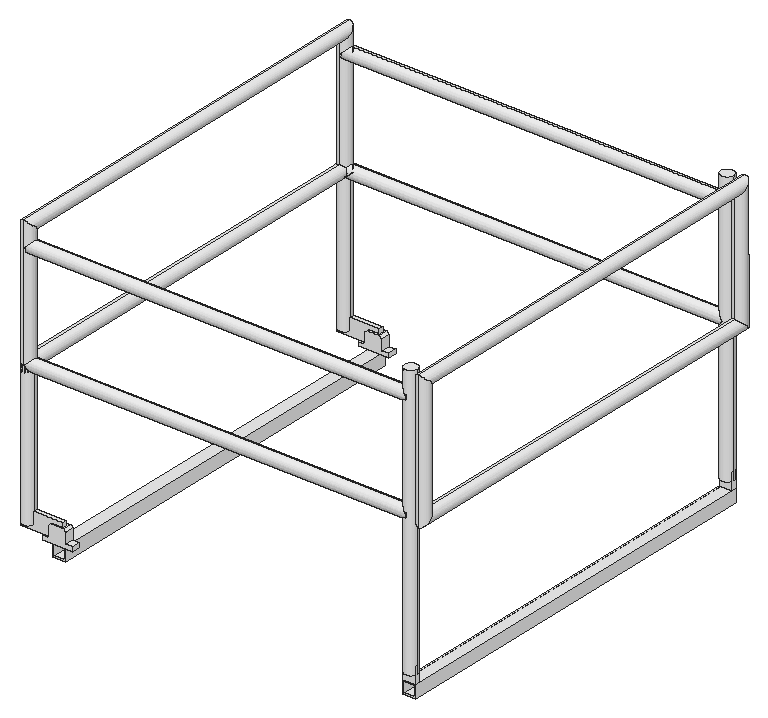
Revit family "Guard_Rail-Precision_Ladders-Folding_Aluminum_Guard_Rail_System1", category Specialty Equipment, host Face, Revit 2015
Parameters (values of type "Upright Position")
  Youtube clip = ""
  Width [instance] = 4' - 0"
  Weight Net (Kg) = "0"
  Upright Position [instance] = yes
  Uniformat II Description = ""
  Uniformat II Code = ""
  Uniclass 2015 Name = "Hatches and access panels"
  Uniclass 2015 Code = "Pr_30_59_36"
  Uniclass 2.0 Description = "Hatches"
  Uniclass 2.0 Code = "PR-59-36"
  Uniclass 1.4 Description = "Hatches, access doors, trap doors"
  Uniclass 1.4 Code = "L412"
  URL = "http://precisionladders.com/"
  UNSPSC Code = ""
  Type Comments = ""
  Technical description = ""
  Right C = Height * cos(11.00°)  # 3' - 5.22834"
  Region South America = "None"
  Region Oceania = "None"
  Region North America = "CA, US"
  Region Middle East = "None"
  Region Europe = "None"
  Region Asia = "None"
  Region Antarctica = "None"
  Region Africa = "None"
  QR code = "http://bimobject.com/Precision_Ladders_LLC/product/precision-ladders-ph-g"
  Product url = "http://www.precisionladders.com/products/roof-hatches"
  Product group = "Roof Hatch"
  Product family = "Roof Hatches"
  Product data url = "https://bimobject.com/Precision_Ladders_LLC/product/precision-ladders-ph-g"
  Product certification = ""
  Product SKU = "precision-ladders-ph-g"
  Product Page URL = "http://precisionladders.com/"
  Product Guid = "fc072a38-9c22-42f3-9af6-a5e40250c381"
  Product Documentation Link = "http://www.precisionladders.com/assets/pladders/files/resources/Miscellaneous/b~Folding%20Guard%20Rail%20System%20-%20NEW/foldingguardrail.pdf"
  OmniClass Description = "Roof Hatches"
  OmniClass Code = "23-17 11 27 17"
  Nominal width = 0' - 0"
  Nominal height = 0' - 0"
  NBS Reference Description = "Hatches"
  NBS Reference Code = "59-36"
  Model = "Aluminum Folding Guard Rail System For Roof Hatch"
  Material secondary = ""
  Material main = "Aluminium"
  Material = ""
  Masterformat 2014 Description = "Roof Hatches"
  Masterformat 2014 Code = "07 72 33"
  Manufacturer name = "Precision Ladders, LLC"
  Manufacturer country = ""
  Manufacturer = "Precision Ladders, LLC"  # constant formula
  Length [instance] = 4' - 0"
  Installation instructions = ""
  IFC Classification = "Object"
  Height = 3' - 6"  # constant formula
  Retracted Position [instance] = not(Upright Position)  # no
  Hatch Width [instance] = Width - 0' 11 1/8"  # 3' - 0 7/8"
  Hatch Length [instance] = Length - 0' 8 5/16"  # 3' - 3 11/16"
  Finish = Metal - Precision Ladders LLC - Aluminium
  Edition number = 1
  EAN code = ""
  Design country = ""
  Description = "Folding Aluminum Guard Rail For Roof Hatch"  # constant formula
  Default Elevation = 4' - 0"
  Date of publishing = "5/2/2016"
  COBIe Type Category = ""
  Brand url = "http://www.precisionladders.com/"
  BIMobject main category code = "construction"
  BIMobject main category = "Construction"
  BIMobject category code = "access-doors-panels"
  BIMobject category = "Access doors & panels"
Types (2): name | Upright Position | Retracted Position
  Upright Position | yes | no
  Folded Position | no | yes
Reference planes (in)
  plane 1 "Center (Front/Back)": y = 0
  plane 2: z = 0
  plane 3 "Center (Left/Right)": x = 0
  plane 4 "Top": z = 42
  plane 5 "Bottom": z = 9.9375
  plane 6 "Back": y = 24
  plane 7 "Front": y = -24
  plane 8 "Left": x = -24
  plane 9 "Right": x = 24
  plane 10: z = 25.96875
  plane 11 "Hatch Underlat B": y = -18.4375
  plane 12 "Hatch Underlay A": y = 18.4375
  plane 13: x = -20.0049
  plane 14: z = 13.39742
  plane 15: x = 21.75
  plane 16: x = 21.22344
  plane 17: x = 62.97834
  plane 18: x = -18.6875
  plane 19: x = 21
Forms (in)
  Sweep 1, solid, material "Metal - Precision Ladders LLC - Aluminium" <- "Finish", visible <- "Upright Position"
    path origin (0.67975, 0, 0) x (1, 0, 0) y (0, 0, 1)
      loop
        line (21.07026, 41.25) -> (-23.92975, 41.25)
    profile origin (-0.75, 0, 41.25) x (0, 0, -1) y (0, -1, 0)
      loop
        circle (2.125, 23.25) r 0.75
  Sweep 2, solid, material "Metal - Precision Ladders LLC - Aluminium" <- "Finish", visible <- "Upright Position"
    path origin (0, 0, 0) x (0, 1, 0) y (0, 0, 1)
      loop
        line (23.25, 41.25) -> (-23.24998, 41.25) -> (-23.24998, 26.71875) -> (23.25, 26.71875) -> (23.25, 41.25)
    profile origin (0, 0.00001, 41.25) x (0, 0, -1) y (1, 0, 0)
      loop
        circle (0, -23.25) r 0.75
  Sweep 3, solid, material "Metal - Precision Ladders LLC - Aluminium" <- "Finish", visible <- "Upright Position"
    path origin (0, 0, 0) x (0, 1, 0) y (0, 0, -1)
      loop
        line (23.25, -41.25) -> (23.25, -26.71875) -> (-23.24998, -26.71875) -> (-23.24998, -41.25) -> (23.25, -41.25)
    profile origin (0, 0.00001, 41.25) x (0, 0, 1) y (-1, 0, 0)
      loop
        circle (0, -23.25) r 0.75
  Sweep 4, solid, material "Metal - Precision Ladders LLC - Aluminium" <- "Finish", visible <- "Upright Position"
    path origin (0.67975, 0, -21) x (1, 0, 0) y (0, 0, 1)
      loop
        line (21.07026, 47.71875) -> (-23.92975, 47.71875)
    profile origin (-0.75, 0, 26.71875) x (0, 0, -1) y (0, -1, 0)
      loop
        circle (0, 23.25) r 0.75
  Sweep 5, solid, material "Metal - Precision Ladders LLC - Aluminium" <- "Finish", visible <- "Upright Position"
    path origin (0.67975, 0, 0) x (1, 0, 0) y (0, 0, -1)
      loop
        line (21.07026, -41.25) -> (-23.92975, -41.25)
    profile origin (-0.75, 0, 41.25) x (0, 0, 1) y (0, 1, 0)
      loop
        circle (-2.125, 23.25) r 0.75
  Sweep 6, solid, material "Metal - Precision Ladders LLC - Aluminium" <- "Finish", visible <- "Upright Position"
    path origin (0.67975, 0, -21) x (1, 0, 0) y (0, 0, -1)
      loop
        line (21.07026, -47.71875) -> (-23.92975, -47.71875)
    profile origin (-0.75, 0, 26.71875) x (0, 0, 1) y (0, 1, 0)
      loop
        circle (0, 23.25) r 0.75
  Extrusion 7, solid, material "Metal - Precision Ladders LLC - Aluminium" <- "Finish", visible <- "Upright Position"
    sketch origin (0, 0, 0) x (1, 0, 0) y (0, 1, 0)
      loop
        circle (21.75, 23.25) r 0.75
      loop
        circle (21.75, -23.25) r 0.75
    from 9.9375 to 42
  Extrusion 8, solid, material "Metal - Precision Ladders LLC - Aluminium" <- "Finish", visible <- "Upright Position"
    sketch origin (-38.125, 0, 0) x (1, 0, 0) y (0, 1, 0)
      loop
        circle (14.875, 23.25) r 0.75
      loop
        circle (14.875, -23.25) r 0.75
    from 9.9375 to 26.69867
  Sweep 9, solid, material "Metal - Precision Ladders LLC - Aluminium" <- "Finish", visible <- "Upright Position"
    path origin (0, 0, 0) x (1, 0, 0) y (0, 0, 1)
      loop
        line (-24, 11.4375) -> (-19, 11.4375)
    profile origin (-21.5, 0, 11.4375) x (0, 0, 1) y (0, -1, 0)
      loop
        line (0, 23.5) -> (-2, 23.5) -> (-2, 23) -> (0, 23) -> (0, 23.5)
  Sweep 10, solid, material "Metal - Precision Ladders LLC - Aluminium" <- "Finish", visible <- "Upright Position"
    path origin (0, 0, 0) x (1, 0, 0) y (0, 0, -1)
      loop
        line (-24, -11.4375) -> (-19, -11.4375)
    profile origin (-21.5, 0, 11.4375) x (0, 0, -1) y (0, 1, 0)
      loop
        line (0, 23.5) -> (0, 23) -> (2, 23) -> (2, 23.5) -> (0, 23.5)
  Sweep 11, solid, material "Metal - Precision Ladders LLC - Aluminium" <- "Finish"
    path origin (0, 0, 0) x (0, 1, 0) y (0, 0, 1)
      loop
        line (-22.75, 9.4375) -> (-23.75, 9.4375)
    profile origin (0, -23.25, 9.4375) x (0, 0, -1) y (1, 0, 0)
      loop
        line (0.5, -21.1875) -> (0.5, -17.6875) -> (0, -17.6875) -> (0, -18.4375) -> (-1.25, -18.4375) -> (-1.5, -18.6875) -> (-1.5, -20.1875) -> (-1.25, -20.4375) -> (0, -20.4375) -> (0, -21.1875) -> (0.5, -21.1875)
  Sweep 12, solid, material "Metal - Precision Ladders LLC - Aluminium" <- "Finish"
    path origin (0, 0, 0) x (0, 1, 0) y (0, 0, 1)
      loop
        line (22.75, 9.4375) -> (23.75, 9.4375)
    profile origin (0, 23.25, 9.4375) x (0, 0, 1) y (1, 0, 0)
      loop
        line (-0.5, -17.6875) -> (-0.5, -21.1875) -> (0, -21.1875) -> (0, -20.4375) -> (1.25, -20.4375) -> (1.5, -20.1875) -> (1.5, -18.6875) -> (1.25, -18.4375) -> (0, -18.4375) -> (0, -17.6875) -> (-0.5, -17.6875)
  Sweep 13, solid, material "Metal - Precision Ladders LLC - Aluminium" <- "Finish"
    path origin (0, 0, 0) x (0, 1, 0) y (0, 0, 1)
      loop
        line (23.5, 9.4375) -> (-23.5, 9.4375)
    profile origin (0, 0, 9.4375) x (0, 0, -1) y (1, 0, 0)
      loop
        line (0.5, -18.6875) -> (0.5, -20.1875) -> (2, -20.1875) -> (2, -18.6875) -> (0.5, -18.6875)
      loop
        line (0.625, -20.0625) -> (1.875, -20.0625) -> (1.875, -18.8125) -> (0.625, -18.8125) -> (0.625, -20.0625)
  Sweep 14, solid, material "Metal - Precision Ladders LLC - Aluminium" <- "Finish"
    path origin (0, 0, 0) x (1, 0, 0) y (0, 1, 0)
      loop
        line (23.25, 23.5) -> (23.25, -23.5)
    profile origin (23.25, 0, 0) x (1, 0, 0) y (0, 0, 1)
      loop
        line (-2.25, 7.4375) -> (-0.75, 7.4375) -> (-0.75, 8.9375) -> (-2.25, 8.9375) -> (-2.25, 7.4375)
      loop
        line (-0.875, 8.8125) -> (-2.125, 8.8125) -> (-2.125, 7.5625) -> (-0.875, 7.5625) -> (-0.875, 8.8125)
  Sweep 15, solid, material "Metal - Precision Ladders LLC - Aluminium" <- "Finish"
    path origin (0, 0, 0) x (0, 1, 0) y (0, 0, 1)
      loop
        line (23.5, 9.9375) -> (23, 9.9375)
    profile origin (0, 23.25, 9.9375) x (0, 0, -1) y (1, 0, 0)
      loop
        line (1, 21) -> (1, 22.5) -> (-0.95992, 22.5) -> (-0.95992, 21) -> (1, 21)
  Sweep 16, solid, material "Metal - Precision Ladders LLC - Aluminium" <- "Finish"
    path origin (0, 0, 0) x (0, 1, 0) y (0, 0, 1)
      loop
        line (-23.5, 9.9375) -> (-23, 9.9375)
    profile origin (0, -23.25, 9.9375) x (0, 0, 1) y (1, 0, 0)
      loop
        line (-1, 22.5) -> (-1, 21) -> (0.95992, 21) -> (0.95992, 22.5) -> (-1, 22.5)
  Extrusion 17, solid, material "Metal - Precision Ladders LLC - Aluminium" <- "Finish", visible <- "Retracted Position"
    sketch origin (-6.03969, 0, -6.74338) x (1, 0, 0) y (0, 0, 1)
      loop
        line (-15.25, 21.46875) -> (-14.29596, 16.56061) -> (-12.3327, 16.94223) -> (-13.28675, 21.85037) -> (-15.25, 21.46875)
    from -23.5 to -23
  Extrusion 18, solid, material "Metal - Precision Ladders LLC - Aluminium" <- "Finish", visible <- "Retracted Position"
    sketch origin (-6.03969, -44.87774, -6.74338) x (1, 0, 0) y (0, 0, 1)
      loop
        line (-15.25, 21.46875) -> (-14.29596, 16.56061) -> (-12.3327, 16.94223) -> (-13.28675, 21.85037) -> (-15.25, 21.46875)
    from -21.87774 to -21.37774
Cuts and joins
  joined: Sweep 5, Sweep 6
  joined: Sweep 1, Sweep 4
Lines and regions (in)
  Masking region 1
    outline origin (0, 0, 0) x (1, 0, 0) y (0, 1, 0)
      loop
        line (-24, 24) -> (-24, -24) -> (21.75, -24)
        arc (21.75, -24) -> (22.5, -23.25) -> (21.75, -22.5) r 0.75
        line (21.75, -22.5) -> (-22.5, -22.5) -> (-22.5, 22.51582) -> (21.90325, 22.51582)
        arc (21.90325, 22.51582) -> (22.49597, 23.32766) -> (21.74874, 24) r 0.75
        line (21.74874, 24) -> (-24, 24)
  Masking region 2
    outline origin (0, 0, 0) x (1, 0, 0) y (0, 1, 0)
      loop
        line (-20.1875, 22.51582) -> (-20.1875, -22.5) -> (-18.6875, -22.5) -> (-18.6875, 22.51582) -> (-20.1875, 22.51582)
      loop
        line (21, 22.5) -> (21, -22.5) -> (21.75, -22.5)
        arc (21.75, -22.5) -> (22.18302, -22.63763) -> (22.45711, -23) r 0.75
        line (22.45711, -23) -> (22.5, -23) -> (22.5, 23) -> (22.45711, 23)
        arc (22.45711, 23) -> (22.18302, 22.63763) -> (21.75, 22.5) r 0.75
        line (21.75, 22.5) -> (21, 22.5)
  Masking region 3
    outline origin (0, 0, 0) x (1, 0, 0) y (0, 1, 0)
      loop
        line (22.5, 23.25) -> (22.5, -23.24998)
        arc (22.5, -23.24998) -> (23.25, -23.99998) -> (24, -23.24998) r 0.75
        line (24, -23.24998) -> (24, 23.25)
        arc (24, 23.25) -> (23.25, 24) -> (22.5, 23.25) r 0.75
  reference lines
    curve 1: line (-20.0049, 0, 13.39742) -> (31.77593, 0, 23.46259)
    curve 2: line (21.75, 0, 9.9375) -> (73.53084, 0, 20.00267)
  symbolic lines, style "SpecialityEquipmentHiddenLines"
    curve 3: line (-24, 24, 0) -> (62.97834, 24, 0)
    curve 4: line (62.97834, -24, 0) -> (-24, -24, 0)
    curve 5: line (21.22344, 24, 0) -> (21.22344, -24, 0)
    curve 6: line (62.97834, 24, 0) -> (62.97834, -24, 0)
Dimensions and locks (in)
  "Height": plane 4 "Top" to level
  "Width": plane 6 "Back" to plane 7 "Front"
  "Length": plane 8 "Left" to plane 9 "Right"
  locked: Sweep 1 sketch curve to plane 7 "Front" at 0.75
  locked: plane 4 "Top" to Sweep 1 sketch curve at 0.75
  locked: Sweep 2 sketch curve to plane 8 "Left" at 0.75
  locked: Sweep 2 sketch curve to plane 4 "Top" at 0.75  (x2)
  equal spacing: plane 8 "Left", plane 3 "Center (Left/Right)", plane 9 "Right"
  equal spacing: plane 7 "Front", plane 1 "Center (Front/Back)", plane 6 "Back"
  locked: plane 6 "Back" to Sweep 2 sketch curve at 0.75
  locked: Sweep 2 sketch curve to plane 7 "Front" at 0.75002
  locked: Sweep 2 sketch curve to plane 10 at 0.75
  locked: Sweep 1 sketch curve to plane 9 "Right" at 2.25
  locked: Sweep 1 sketch curve to plane 8 "Left" at 0.75
  locked: Sweep 4 sketch curve to plane 8 "Left" at 0.75
  Sweep 4 sketch curve to plane 9 "Right" = 0' - 2 1/4"
  locked: Sweep 4 sketch curve to plane 10 at 0.75  (x2)
  locked: Sweep 5 sketch curve to plane 9 "Right" at 2.25
  locked: Sweep 5 sketch curve to plane 8 "Left" at 0.75
  locked: Sweep 5 sketch curve to plane 4 "Top" at 0.75
  locked: Sweep 6 sketch curve to plane 9 "Right" at 2.25
  locked: Sweep 6 sketch curve to plane 8 "Left" at 0.75
  locked: plane 10 to Sweep 6 sketch curve at 0.75
  locked: Extrusion 7 sketch curve to plane 6 "Back" at 0.75
  locked: Extrusion 7 sketch curve to plane 9 "Right" at 2.25  (x2)
  locked: Extrusion 7 sketch curve to plane 7 "Front" at 0.75
  locked: plane 4 "Top" to Sweep 1 sketch curve at 2.875
  locked: plane 4 "Top" to Sweep 5 sketch curve at 2.875
  locked: plane 6 "Back" to Sweep 5 sketch curve at 0.75
  locked: plane 5 "Bottom" to plane 2 at 9.9375
  locked: plane 8 "Left" to Extrusion 8 sketch curve at 0.75  (x2)
  locked: Extrusion 8 sketch curve to plane 7 "Front" at 0.75
  locked: Extrusion 8 sketch curve to plane 6 "Back" at 0.75
  locked: plane 7 "Front" to Sweep 4 sketch curve at 0.75
  locked: Sweep 6 sketch curve to plane 6 "Back" at 0.75
  locked: Sweep 6 sketch curve to plane 10 at 0.75
  locked: Sweep 3 sketch curve to plane 9 "Right" at 0.75
  locked: Sweep 3 sketch curve to plane 4 "Top" at 0.75
  locked: plane 7 "Front" to Sweep 9 sketch curve at 0.5
  locked: Sweep 9 sketch curve to Sweep 9 sketch curve at 0.5
  Sweep 9 sketch curve to plane 5 "Bottom" to Sweep 9 sketch curve = 0' - 1 1/2" locked, 0' - 0 1/2" locked
  locked: Sweep 9 sketch curve to plane 8 "Left" at 5
  Sweep 10 sketch curve to plane 5 "Bottom" to Sweep 10 sketch curve = 0' - 1 1/2" locked, 0' - 0 1/2" locked
  plane 6 "Back" to Sweep 10 sketch curve to Sweep 10 sketch curve = 0' - 0 1/2" locked, 0' - 0 1/2" locked
  locked: Sweep 11 sketch curve to plane 5 "Bottom" at 0.5
  locked: Sweep 11 sketch curve to Sweep 11 sketch curve at 1
  locked: Sweep 11 sketch curve to plane 7 "Front" at 0.25
  Sweep 11 sketch curve to Sweep 11 sketch curve to plane 8 "Left" = 0' - 3 1/2" locked, 0' - 2 13/16" locked
  Sweep 11 sketch curve to plane 5 "Bottom" to Sweep 11 sketch curve = 0' - 1" locked, 0' - 1" locked
  locked: plane 5 "Bottom" to Sweep 12 sketch curve at 0.5
  locked: plane 6 "Back" to Sweep 12 sketch curve at 0.25
  Sweep 12 sketch curve to plane 5 "Bottom" to Sweep 12 sketch curve = 0' - 1" locked, 0' - 1" locked
  Sweep 12 sketch curve to Sweep 12 sketch curve to plane 8 "Left" = 0' - 3 1/2" locked, 0' - 2 13/16" locked
  locked: plane 5 "Bottom" to Sweep 13 sketch curve at 0.5
  locked: plane 6 "Back" to Sweep 13 sketch curve at 0.5
  locked: Sweep 13 sketch curve to plane 7 "Front" at 0.5
  Sweep 13 sketch curve to Sweep 13 sketch curve to plane 8 "Left" = 0' - 0 1/8" locked, 0' - 3 13/16" locked
  plane 5 "Bottom" to Sweep 11 to Sweep 13 sketch curve to Sweep 13 sketch curve to Sweep 13 sketch curve = 0' - 1" locked, 0' - 0 1/8" locked, 0' - 1 1/4" locked, 0' - 0 1/8" locked
  locked: Sweep 14 sketch curve to plane 6 "Back" at 0.5
  locked: Sweep 14 sketch curve to plane 7 "Front" at 0.5
  locked: Sweep 14 sketch curve to plane 9 "Right" at 0.75
  Sweep 14 sketch curve to Sweep 14 sketch curve to Sweep 14 sketch curve to Sweep 14 sketch curve to plane 9 "Right" = 0' - 0 1/8" locked, 0' - 1 1/4" locked, 0' - 0 1/8" locked, 0' - 1 1/2" locked
  Sweep 15 sketch curve to plane 5 "Bottom" to Sweep 15 sketch curve = 0' - 0.95992" locked, 0' - 1" locked
  Sweep 15 sketch curve to Sweep 15 sketch curve to plane 9 "Right" = 0' - 1 1/2" locked, 0' - 1 1/2" locked
  Sweep 16 sketch curve to plane 5 "Bottom" to Sweep 16 sketch curve = 0' - 0.95992" locked, 0' - 1" locked
  plane 9 "Right" to Sweep 16 sketch curve to Sweep 16 sketch curve = 0' - 1 1/2" locked, 0' - 1 1/2" locked
  locked: plane 4 "Top" to Sweep 3 sketch curve at 0.75
  locked: Sweep 3 sketch curve to plane 10 at 0.75
  locked: plane 7 "Front" to Sweep 3 sketch curve at 0.75002
  locked: Sweep 3 sketch curve to plane 6 "Back" at 0.75
  locked: Sweep 10 sketch curve to plane 5 "Bottom" at 1.5
  locked: Sweep 10 sketch curve to plane 8 "Left" at 5
  plane 5 "Bottom" to Sweep 14 sketch curve to Sweep 14 sketch curve to Sweep 14 sketch curve to Sweep 14 sketch curve = 0' - 1" locked, 0' - 0 1/8" locked, 0' - 1 1/4" locked, 0' - 0 1/8" locked
  Sweep 15 sketch curve to Sweep 15 sketch curve to plane 6 "Back" = 0' - 0 1/2" locked, 0' - 0 1/2" locked
  Sweep 16 sketch curve to Sweep 16 sketch curve to plane 7 "Front" = 0' - 0 1/2" locked, 0' - 0 1/2" locked
  locked: Masking region 1 sketch curve to Masking region 1 sketch curve at 1.48418
  locked: Masking region 1 sketch curve to Masking region 1 sketch curve at 1.5  (x2)
  equal spacing: plane 4 "Top", plane 10, plane 5 "Bottom"
  locked: Extrusion 8 to plane 10 at 0.72992
  locked: plane 13 to plane 8 "Left" at 3.9951
  locked: plane 14 to plane 5 "Bottom" at 3.45992
  locked: plane 15 to plane 9 "Right" at 2.25
  Extrusion 17 sketch curve to Extrusion 17 sketch curve to plane 13 to Extrusion 17 sketch curve to Extrusion 17 sketch curve = 0' - 0.95404" locked, 0' - 0.67846" locked, 0' - 0.33075" locked, 0' - 0.95404" locked
  Extrusion 17 sketch curve to plane 5 "Bottom" to Extrusion 17 sketch curve to Extrusion 17 sketch curve to Extrusion 17 sketch curve = 0' - 0.12027" locked, 0' - 0.26135" locked, 0' - 4.52652" locked, 0' - 0.38162" locked
  Extrusion 18 sketch curve to Extrusion 18 sketch curve to plane 13 to Extrusion 18 sketch curve to Extrusion 18 sketch curve = 0' - 0.95404" locked, 0' - 0.67846" locked, 0' - 0.33075" locked, 0' - 0.95404" locked
  Extrusion 18 sketch curve to plane 5 "Bottom" to Extrusion 18 sketch curve to Extrusion 18 sketch curve to Extrusion 18 sketch curve = 0' - 0.12027" locked, 0' - 0.26135" locked, 0' - 4.52652" locked, 0' - 0.38162" locked
  "Right C": plane 16 to plane 13
  "Right C": plane 17 to plane 15
  locked: plane 6 "Back" to plane 12 "Hatch Underlay A" at 5.5625
  locked: plane 11 "Hatch Underlat B" to plane 7 "Front" at 5.5625
  locked: plane 19 to plane 9 "Right" at 3
  locked: plane 18 to plane 8 "Left" at 5.3125
  locked: plane 14 to curve 1 (angle 11.00°)
  locked: plane 5 "Bottom" to curve 2 (angle 11.00°)
  aligned and locked: plane 2 to host face
  aligned and locked: level to host face
  aligned and locked: Extrusion 7 to plane 5 "Bottom"
  aligned and locked: Sweep 9 to Sweep 11 sketch curve
  aligned and locked: Sweep 10 to Sweep 12 sketch curve
  aligned and locked: Sweep 13 sketch curve to Sweep 11
  aligned and locked: plane 5 "Bottom" to Sweep 15 sketch curve
  aligned and locked: plane 3 "Center (Left/Right)" to Sweep 16 sketch curve
  aligned and locked: Sweep 15 sketch curve to plane 3 "Center (Left/Right)"
  aligned and locked: plane 2 to Sweep 14 sketch curve
  aligned and locked: Masking region 1 sketch curve to plane 8 "Left"
  aligned and locked: Masking region 1 sketch curve to plane 6 "Back"
  aligned and locked: Masking region 1 sketch curve to Extrusion 7  (x2)
  aligned and locked: Masking region 1 to Masking region 2 sketch curve  (x2)
  aligned and locked: Masking region 2 sketch curve to Sweep 13  (x2)
  aligned and locked: Masking region 2 sketch curve to Sweep 14
  aligned and locked: Masking region 2 sketch curve to Extrusion 7  (x2)
  aligned and locked: Sweep 14 to Masking region 2 sketch curve
  aligned and locked: Masking region 2 sketch curve to Sweep 16
  aligned and locked: Sweep 15 to Masking region 2 sketch curve
  aligned and locked: Masking region 3 sketch curve to Sweep 3  (x2)
  aligned and locked: plane 4 "Top" to Extrusion 7
  aligned and locked: Sweep 10 to Extrusion 17
  aligned and locked: Extrusion 17 to Sweep 10
  aligned and locked: Extrusion 18 to Sweep 9
  aligned and locked: Sweep 9 to Extrusion 18
  aligned and locked: plane 14 to curve 1
  aligned and locked: plane 13 to curve 1
  aligned and locked: nested 1 to curve 1
  aligned and locked: nested 1 to plane 1 "Center (Front/Back)"
  aligned and locked: plane 15 to curve 2
  aligned and locked: plane 5 "Bottom" to curve 2
  aligned and locked: plane 5 "Bottom" to nested 2  (x2)
  aligned and locked: plane 15 to nested 2  (x2)
  aligned and locked: curve 1 to nested 1
  aligned and locked: curve 6 to plane 17
  aligned and locked: curve 5 to plane 16
  aligned and locked: plane 8 "Left" to curve 4
  aligned and locked: plane 8 "Left" to curve 3
  aligned and locked: plane 6 "Back" to curve 3
  aligned and locked: plane 7 "Front" to curve 4
Automatic sketch dimensions
  Sweep 16 sketch curve to plane 5 "Bottom" = 0' - 0"
  host sketch curve to host sketch curve = 8' - 0"  (x2)
  Sweep 9 sketch curve to plane 8 "Left" = 0' - 0"
  plane 5 "Bottom" to Sweep 9 sketch curve = 0' - 1 1/2"
  Sweep 10 sketch curve to plane 8 "Left" = 0' - 0"
  Sweep 11 sketch curve to profile plane = 0' - 0"
  Sweep 11 sketch curve to Sweep 11 sketch curve = 0' - 0 1/4"  (x3)
  Sweep 11 sketch curve to Sweep 11 sketch curve = 0' - 0 3/4"  (x2)
  Sweep 11 sketch curve to Sweep 11 sketch curve = 0' - 1 1/2"
  Sweep 12 sketch curve to Sweep 12 sketch curve = 0' - 1"
  Sweep 12 sketch curve to profile plane = 0' - 0"
  Sweep 12 sketch curve to Sweep 12 sketch curve = 0' - 0 1/4"  (x4)
  Sweep 12 sketch curve to Sweep 12 sketch curve = 0' - 0 3/4"
  Sweep 12 sketch curve to Sweep 12 sketch curve = 0' - 1 1/2"
  Sweep 13 sketch curve to Sweep 13 sketch curve = 0' - 1 1/4"
  Sweep 13 sketch curve to Sweep 13 sketch curve = 0' - 0 1/8"
  Masking region 1 sketch curve to plane 15 = 0' - 0"  (x2)
  plane 6 "Back" to Masking region 1 sketch curve = 0' - 0"
  Masking region 2 sketch curve to plane 15 = 0' - 0"
  Masking region 2 sketch curve to Masking region 2 sketch curve = 0' - 0"
  radius of Sweep 1 sketch curve = 0' - 0 3/4"
  radius of Sweep 2 sketch curve = 0' - 0 3/4"
  radius of Sweep 3 sketch curve = 0' - 0 3/4"
  radius of Sweep 4 sketch curve = 0' - 0 3/4"
  radius of Sweep 5 sketch curve = 0' - 0 3/4"
  radius of Sweep 6 sketch curve = 0' - 0 3/4"
  radius of Extrusion 7 sketch curve = 0' - 0 3/4"  (x2)
  radius of Extrusion 8 sketch curve = 0' - 0 3/4"  (x2)
Nested families (in)
  nested 1: "Nested Bar Sweep (LEFT)" at (0.60927, 0, 17.40441) x (0, 1, 0) z (0.1908, 0, -0.9816), visible <- "Retracted Position", type "Nested Bar Sweep (LEFT)"
  nested 2: "Nested Bar Sweep (RIGHT)" at (42.36417, 0, 13.94449) x (0, 1, 0) z (0.1908, 0, -0.9816), visible <- "Retracted Position", type "Nested Bar Sweep (RIGHT)"
    with Length 4' - 0", Horizontal 3' - 11.1181", Height 3' - 6", H2 0' - 8.99056"
Definition of nested family "Nested Bar Sweep (LEFT)"
  Parameters
    Width = 4' - 0"
    Height = 3' - 6"
    Finish = none
    Default Elevation = 4' - 0"
  Reference planes (in)
    plane 1 "Center (Front/Back)": y = 0
    plane 2: z = 0
    plane 3 "Center (Left/Right)": x = 0
    plane 4: x = 24
    plane 5: x = -24
    plane 6: y = 21
    plane 7: y = -21
    plane 8: y = 0
    plane 9: through (0, 21, 0) normal (0, -0.1908, 0.9816)
    plane 10: through (0, 0, 0) normal (0, -0.1908, 0.9816)
  Forms (in)
    Extrusion 1, solid
      sketch origin (0, 0, 0) x (1, 0, 0) y (0, 1, 0)
        loop
          line (-48, 48) -> (-48, -48) -> (48, -48) -> (48, 48) -> (-48, 48)
      from 0 to -12
    Sweep 2, solid, material <- "Finish"
      path origin (0, -5.48798, 0) x (1, 0, 0) y (0, 1, 0)
        loop
          line (-24, 26.48798) -> (-24, 5.48798) -> (24, 5.48798) -> (24, 26.48798) -> (-24, 26.48798)
      profile origin (0, 21, 0) x (0, 1, 0) y (0, 0, 1)
        loop
          circle (0, 0) r 0.75
    Sweep 3, solid, material <- "Finish"
      path origin (0, 0, 0) x (1, 0, 0) y (0, 1, 0)
        loop
          line (-24, -21) -> (-24, 0)
      profile origin (-24, -10.5, 0) x (-1, 0, 0) y (0, 0, 1)
        loop
          circle (0, 0) r 0.75
    Sweep 4, solid, material <- "Finish"
      path origin (0, 0, 0) x (-1, 0, 0) y (0, 1, 0)
        loop
          line (-24, -21) -> (-24, 0)
      profile origin (24, -10.5, 0) x (-1, 0, 0) y (0, 0, 1)
        loop
          circle (0, 0) r 0.75
  Dimensions and locks (in)
    equal spacing: plane 5, plane 3 "Center (Left/Right)", plane 4
    "Width": plane 5 to plane 4
    "Height": plane 6 to plane 7
    locked: Sweep 3 sketch curve to plane 8 at 0
    locked: Sweep 3 sketch curve to plane 7 at 0
    locked: Sweep 4 sketch curve to plane 8 at 0
    locked: Sweep 4 sketch curve to plane 7 at 0
    equal spacing: plane 6, plane 8, plane 7
    aligned and locked: plane 2 to Extrusion 1
    aligned and locked: level to Extrusion 1
    aligned and locked: plane 2 to Sweep 2 sketch curve
    aligned and locked: Sweep 2 sketch curve to plane 6
    aligned and locked: plane 4 to Sweep 2 sketch curve
    aligned and locked: plane 8 to Sweep 2 sketch curve
    aligned and locked: Sweep 2 sketch curve to plane 5
    aligned and locked: profile plane to Sweep 3 sketch curve
    aligned and locked: profile plane to Sweep 4 sketch curve
    aligned and locked: Sweep 4 sketch curve to plane 4
    aligned and locked: plane 8 to plane 1 "Center (Front/Back)"
  Automatic sketch dimensions
    Extrusion 1 sketch curve to Extrusion 1 sketch curve = 8' - 0"  (x2)
    Sweep 2 sketch curve to profile plane = 0' - 0"
    Sweep 3 sketch curve to plane 5 = 0' - 0"
    Sweep 3 sketch curve to profile plane = 0' - 0"
    Sweep 4 sketch curve to profile plane = 0' - 0"
    radius of Sweep 2 sketch curve = 0' - 0 3/4"
    radius of Sweep 3 sketch curve = 0' - 0 3/4"
    radius of Sweep 4 sketch curve = 0' - 0 3/4"
Definition of nested family "Nested Bar Sweep (RIGHT)"
  Parameters
    Width = 4' - 0"
    Length = 2' - 0"
    Horizontal = Length * cos(11.00°)  # 1' - 11.55905"
    Height = 4' - 0"
    H2 = Horizontal * sin(11.00°)  # 0' - 4.49528"
    Finish = none
    Default Elevation = 4' - 0"
  Reference planes (in)
    plane 1 "Center (Front/Back)": y = 0
    plane 2: z = 0
    plane 3 "Center (Left/Right)": x = 0
    plane 4: x = 24
    plane 5: x = -24
    plane 6: y = 24
    plane 7: y = -24
    plane 8: y = 0
    plane 9: through (0, 24.75567, 0) normal (0, 0.1908, -0.9816)
    plane 10: through (0, 3, 0) normal (0, 0.1908, -0.9816)
    plane 11: z = -4.49528
  Forms (in)
    Extrusion 1, solid
      sketch origin (0, 0, 0) x (1, 0, 0) y (0, 1, 0)
        loop
          line (-48, 48) -> (-48, -48) -> (48, -48) -> (48, 48) -> (-48, 48)
      from 0 to -12
    Sweep 2, solid, material <- "Finish"
      path origin (0, -5.48798, 0) x (1, 0, 0) y (0, 1, 0)
        loop
          line (-24, 29.48798) -> (-24, 5.48798) -> (24, 5.48798) -> (24, 29.48798) -> (-24, 29.48798)
      profile origin (0, 24, 0) x (0, 1, 0) y (0, 0, 1)
        loop
          circle (0, 1.5) r 0.75
    Sweep 3, solid, material <- "Finish"
      path origin (0, 0, 0) x (1, 0, 0) y (0, 1, 0)
        loop
          line (-24, -24) -> (-24, 24.75567)
      profile origin (-24, 0.37784, 0) x (-1, 0, 0) y (0, 0, 1)
        loop
          circle (0, 0) r 0.75
    Sweep 4, solid, material <- "Finish"
      path origin (0, 0, 0) x (-1, 0, 0) y (0, 1, 0)
        loop
          line (-24, -24) -> (-24, 24.74888)
      profile origin (24, 0.37444, 0) x (-1, 0, 0) y (0, 0, 1)
        loop
          circle (0, 0) r 0.75
    Sweep 5, solid, material <- "Finish"
      path origin (0, -3.87139, -1.33566) x (0, 1, 0) y (0, 0, 1)
        loop
          line (24.45515, 0.52472) -> (1.32894, -3.97055)
      profile origin (0, 9.02065, -3.05858) x (0, 0.190809, -0.981627) y (1, 0, 0)
        loop
          circle (0, 24) r 0.75
    Sweep 6, solid, material <- "Finish"
      path origin (0, -25.62027, -1.33566) x (0, 1, 0) y (0, 0, 1)
        loop
          line (24.70031, 0.5737) -> (-1.31281, -4.48274)
      profile origin (0, -13.92652, -3.29018) x (0, 0.190809, -0.981627) y (1, 0, 0)
        loop
          circle (0, 24) r 0.75
    Sweep 7, solid, material <- "Finish"
      path origin (0, -3.87139, -1.33566) x (0, 1, 0) y (0, 0, -1)
        loop
          line (24.45515, -0.52472) -> (1.32894, 3.97055)
      profile origin (0, 9.02065, -3.05858) x (0, -0.190809, 0.981627) y (-1, 0, 0)
        loop
          circle (0, 24) r 0.75
    Sweep 8, solid, material <- "Finish"
      path origin (0, -25.62027, -1.33566) x (0, 1, 0) y (0, 0, -1)
        loop
          line (24.70031, -0.5737) -> (-1.31281, 4.48274)
      profile origin (0, -13.92652, -3.29018) x (0, -0.190809, 0.981627) y (-1, 0, 0)
        loop
          circle (0, 24) r 0.75
  Dimensions and locks (in)
    equal spacing: plane 5, plane 3 "Center (Left/Right)", plane 4
    "Width": plane 5 to plane 4
    "Height": plane 6 to plane 7
    locked: Sweep 3 sketch curve to plane 7 at 0
    locked: Sweep 4 sketch curve to plane 7 at 0
    equal spacing: plane 6, plane 8, plane 7
    locked: Sweep 4 sketch curve to plane 6 at 0.74888
    locked: Sweep 3 sketch curve to plane 6 at 0.75567
    locked: Sweep 2 sketch curve to plane 2 at 1.5
    "H2": level to plane 11
    locked: plane 6 to Sweep 4 at 0.74888
    locked: plane 2 to plane 9 at 0.14689
    locked: plane 8 to plane 10 at 3
    locked: plane 2 to plane 10 at 0.58314
    locked: Sweep 6 sketch curve to plane 10 at 3.99333
    locked: Sweep 4 to Sweep 5 sketch curve at 4.24333
    locked: Sweep 3 to Sweep 7 sketch curve at 4.25
    locked: plane 10 to Sweep 8 sketch curve at 3.99333
    aligned and locked: plane 2 to Extrusion 1
    aligned and locked: level to Extrusion 1
    aligned and locked: Sweep 2 sketch curve to plane 6
    aligned and locked: Sweep 2 sketch curve to plane 4
    aligned and locked: plane 8 to Sweep 2 sketch curve
    aligned and locked: Sweep 2 sketch curve to plane 5
    aligned and locked: profile plane to Sweep 3 sketch curve
    aligned and locked: profile plane to Sweep 4 sketch curve
    aligned and locked: Sweep 4 sketch curve to plane 4
    aligned and locked: plane 8 to plane 1 "Center (Front/Back)"
    aligned and locked: plane 6 to Sweep 2 sketch curve
    aligned and locked: Sweep 4 to Sweep 4
    aligned and locked: Sweep 5 sketch curve to plane 9
    aligned and locked: plane 4 to Sweep 5 sketch curve
    aligned and locked: Sweep 6 sketch curve to plane 10
    aligned and locked: plane 4 to Sweep 6 sketch curve
    aligned and locked: plane 5 to Sweep 7 sketch curve
    aligned and locked: plane 5 to Sweep 8 sketch curve
    aligned and locked: plane 9 to Sweep 7 sketch curve
    aligned and locked: plane 10 to Sweep 8 sketch curve
  Automatic sketch dimensions
    Extrusion 1 sketch curve to Extrusion 1 sketch curve = 8' - 0"  (x2)
    Sweep 3 sketch curve to plane 5 = 0' - 0"
    Sweep 3 sketch curve to profile plane = 0' - 0"
    Sweep 4 sketch curve to profile plane = 0' - 0"
    Sweep 5 sketch curve to plane 11 = 0' - 0.81094"
    Sweep 5 sketch curve to profile plane = 0' - 0"
    Sweep 6 sketch curve to plane 11 = 0' - 1.32312"
    Sweep 6 sketch curve to profile plane = 0' - 0"
    Sweep 7 sketch curve to plane 11 = 0' - 0.81094"
    profile plane to Sweep 7 sketch curve = 0' - 0"
    Sweep 8 sketch curve to plane 11 = 0' - 1.32312"
    profile plane to Sweep 8 sketch curve = 0' - 0"
    radius of Sweep 2 sketch curve = 0' - 0 3/4"
    radius of Sweep 3 sketch curve = 0' - 0 3/4"
    radius of Sweep 4 sketch curve = 0' - 0 3/4"
    radius of Sweep 5 sketch curve = 0' - 0 3/4"
    radius of Sweep 6 sketch curve = 0' - 0 3/4"
    radius of Sweep 7 sketch curve = 0' - 0 3/4"
    radius of Sweep 8 sketch curve = 0' - 0 3/4"
